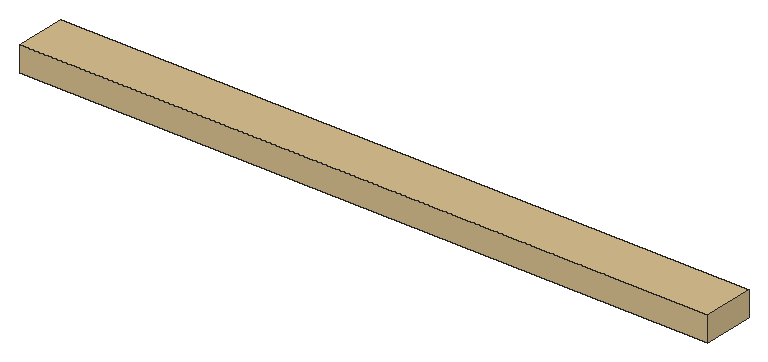
Revit family "EFBeam", category Structural Framing, Revit 2022
Family settings
  Structural Framing Length Roundoff = 0' - 0"
  Section Shape = Not Defined
  Material for Model Behavior = Wood
  Always export as geometry = No
  OmniClass Number = 23.25.30.11.14.14
  OmniClass Title = Beams
  Always vertical = Yes
  Cut with Voids When Loaded = No
  Symbolic Representation = From Project Settings
  Shared = No
  Show family pre-cut in plan views = Yes
Parameters (values of type "4X2 EFSill")
  Type Comments = "2x4"
  Structural Material = Dimensional Lumber
  Pipeline = "2x4"
  Description = "Dimension Lumber"
  A = 5.25 in²
  Assembly Code = "B10"
  Length [instance] = 5' - 0"
  b = 0' - 3 1/2"
  d = 0' - 1 3/4"
Types (5): name | b | d
  2x4 RIM Board | 0' - 1 1/2" | 0' - 3 1/2"
  4X2 Rim Board | 0' - 3 1/2" | 0' - 1 1/2"
  4X10 Rim Board | 0' - 3 1/2" | 0' - 7"
  4X2 EF | 0' - 3 1/2" | 0' - 2"
  4X2 EFSill | 0' - 3 1/2" | 0' - 1 3/4"
Reference planes (in)
  plane 1 "Center (Front/Back)": y = 0
  plane 2: z = 0
  plane 3 "Center (Left/Right)": x = 0.1815
  plane 4 "Member Left": x = -23.8185
  plane 5 "Member Right": x = 24.1815
  plane 6: y = 1.75
  plane 7: y = -1.75
  plane 8: z = 0.875
  plane 9: z = -0.875
  plane 10 "Left": x = -29.8185
  plane 11 "Stick Symbol Left": x = -17.8185
  plane 12 "Stick Symbol Right": x = 18.1815
  plane 13 "Right": x = 30.1815
Forms (in)
  Sweep 1, solid, material "Dimensional Lumber" <- "Structural Material", detail levels medium+fine
    path origin (0, 0, 0) x (1, 0, 0) y (0, 1, 0)
      loop
        line (24.1815, 0) -> (-23.8185, 0)
    profile "Rectangular Wood Beam-Profile : Rectangular Wood Beam-Profile" origin (0.1815, 0, 0) x (0, -1, 0) y (0, 0, 1)
      loop
        line (-1.75, -0.875) -> (1.75, -0.875) -> (1.75, 0.875) -> (-1.75, 0.875) -> (-1.75, -0.875)
Lines and regions (in)
  symbolic lines, style "Stick Symbols", detail levels coarse
    curve 1: line (0.1815, 1.75, 0.875) -> (0.1815, -1.75, 0.875)
    curve 2: line (0.1815, -1.75, -0.875) -> (0.1815, 1.75, -0.875)
    curve 3: line (0.1815, -1.75, 0.875) -> (0.1815, -1.75, -0.875)
    curve 4: line (0.1815, 1.75, -0.875) -> (0.1815, 1.75, 0.875)
  symbolic lines, style "Stick Symbols", detail levels medium
    curve 5: line (-23.8185, 0, 0.875) -> (24.1815, 0, 0.875)
Dimensions and locks (in)
  "b": plane 6 to plane 7
  "d": plane 9 to plane 8
  equal spacing: plane 9, plane 2, plane 8
  equal spacing: plane 6, plane 1 "Center (Front/Back)", plane 7
  "Length": plane 10 "Left" to plane 13 "Right"
  aligned and locked: Sweep 1 sketch curve to plane 1 "Center (Front/Back)"
  aligned and locked: curve 1 to Sweep 1
  aligned and locked: curve 2 to Sweep 1
  aligned and locked: curve 3 to Sweep 1
  aligned and locked: curve 4 to Sweep 1
  aligned and locked: plane 4 "Member Left" to Sweep 1 sketch curve
  aligned and locked: plane 5 "Member Right" to Sweep 1 sketch curve
  aligned and locked: plane 4 "Member Left" to curve 5
  aligned and locked: plane 5 "Member Right" to curve 5
  aligned and locked: plane 1 "Center (Front/Back)" to curve 5
